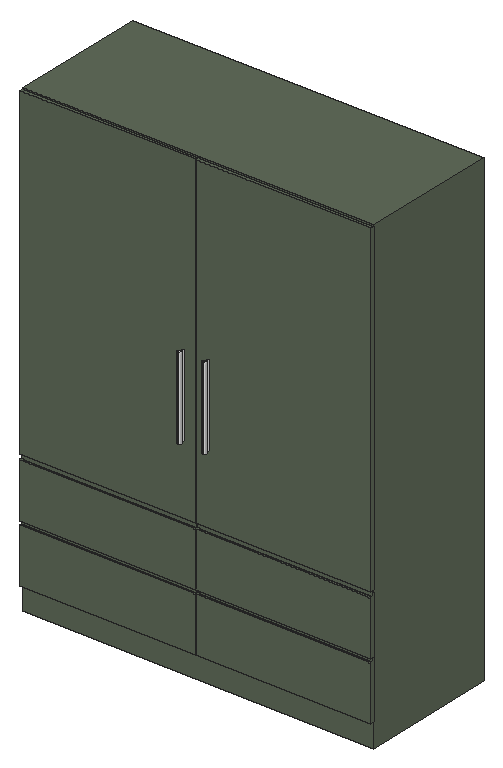
Revit family "Шкаф 2 секции (распашные двери)", category Мебель, Revit 2019
Family settings
  Номер OmniClass = 23.40.20.00
  Заголовок OmniClass = General Furniture and Specialties
  На основе рабочей плоскости = Нет
  Всегда вертикально = Да
  При загрузке вырезать с полостями = Нет
  Общий = Нет
  Точка расчета площади = Нет
Parameters
  Материал ручки [instance] = Материал шкаф ручки
  Материал шкаф (корпус) [instance] = Материал шкаф
  Изготовитель = "Литвинчук Артур"
  Глубина [instance] = 600 mm
  Довжина [instance] = 1500 mm
  Высота шухляды [instance] = 250 mm
  Высота антресоли [instance] = 500 mm
  Высота [instance] = 2000 mm
  Антресоль [instance] = no
  URL = "lytvynchukartur@gmail.com"
  3 шухляды [instance] = no
  2 шухляды [instance] = yes
  0 шухляд [instance] = no
  1 шухляда [instance] = no
Reference planes
  plane 1 "По центру (Вперед/Назад)": y = 0
  plane 2: z = 0
  plane 3 "По центру (Влево/Вправо)": x = 0
  plane 4: x = 1500
  plane 5: y = -600
  plane 6: y = -585
  plane 7: z = 2000
  plane 8: z = 100
  plane 9: x = 750
  plane 10: z = 350
  plane 11: z = 600
  plane 12: x = 751
  plane 13: x = 749
  plane 14: z = 1995
  plane 15: z = 605
  plane 16: z = 900
  plane 17: z = 1250
  plane 18: z = 850
  plane 19: z = 355
  plane 20: z = 855
  plane 21: z = 2500
  plane 22: z = 2490
  plane 23: z = 2200
  plane 24: z = 2050
Forms (mm)
  Extrusion 1, solid, material "Материал шкаф" <- "Материал шкаф (корпус)"
    sketch origin (0, 0, 0) x (1, 0, 0) y (0, 1, 0)
      loop
        line (0, 0) -> (0, -585) -> (1500, -585) -> (1500, 0) -> (0, 0)
    from 0 to 2000
  Extrusion 2, solid, material "Материал шкаф" <- "Материал шкаф (корпус)", visible <- "2 шухляды"
    sketch origin (0, 0, 0) x (0, 1, 0) y (0, 0, 1)
      loop
        line (-585, 100) -> (-585, 350) -> (-590.213, 350) -> (-590.213, 332.595)
        arc (-590.213, 332.595) -> (-592.713, 330.095) -> (-595.213, 332.595) r 2.5
        arc (-595.213, 332.595) -> (-597.607, 334.989) -> (-600, 332.595) r 2.393
        line (-600, 332.595) -> (-600, 100) -> (-585, 100)
    from 0 to 749
  Extrusion 3, solid, material "Материал шкаф" <- "Материал шкаф (корпус)", visible <- "2 шухляды"
    sketch origin (0, 0, 250) x (0, 1, 0) y (0, 0, 1)
      loop
        line (-585, 100) -> (-585, 350) -> (-590.213, 350) -> (-590.213, 332.595)
        arc (-590.213, 332.595) -> (-592.713, 330.095) -> (-595.213, 332.595) r 2.5
        arc (-595.213, 332.595) -> (-597.607, 334.989) -> (-600, 332.595) r 2.393
        line (-600, 332.595) -> (-600, 100) -> (-585, 100)
    from 0 to 749
  Extrusion 4, solid, material "Материал шкаф" <- "Материал шкаф (корпус)", visible <- "2 шухляды"
    sketch origin (0, 0, 0) x (0, 1, 0) y (0, 0, 1)
      loop
        line (-585, 100) -> (-585, 350) -> (-590.213, 350) -> (-590.213, 332.595)
        arc (-590.213, 332.595) -> (-592.713, 330.095) -> (-595.213, 332.595) r 2.5
        arc (-595.213, 332.595) -> (-597.607, 334.989) -> (-600, 332.595) r 2.393
        line (-600, 332.595) -> (-600, 100) -> (-585, 100)
    from 751 to 1500
  Extrusion 5, solid, material "Материал шкаф" <- "Материал шкаф (корпус)", visible <- "2 шухляды"
    sketch origin (0, 0, 250) x (0, 1, 0) y (0, 0, 1)
      loop
        line (-585, 100) -> (-585, 350) -> (-590.213, 350) -> (-590.213, 332.595)
        arc (-590.213, 332.595) -> (-592.713, 330.095) -> (-595.213, 332.595) r 2.5
        arc (-595.213, 332.595) -> (-597.607, 334.989) -> (-600, 332.595) r 2.393
        line (-600, 332.595) -> (-600, 100) -> (-585, 100)
    from 751 to 1500
  Extrusion 6, solid, material "Материал шкаф" <- "Материал шкаф (корпус)", visible <- "2 шухляды"
    sketch origin (0, 0, 0) x (0, 1, 0) y (0, 0, 1)
      loop
        line (-585, 605) -> (-585, 1995) -> (-600, 1995) -> (-600, 605) -> (-585, 605)
    from 0 to 749
  Extrusion 7, solid, material "Материал шкаф" <- "Материал шкаф (корпус)", visible <- "2 шухляды"
    sketch origin (0, 0, 400) x (0, 1, 0) y (0, 0, 1)
      loop
        line (-585, 205) -> (-585, 1595) -> (-600, 1595) -> (-600, 205) -> (-585, 205)
    from 751 to 1500
  Extrusion 8, solid, material "Материал шкаф ручки" <- "Материал ручки"
    sketch origin (-20, 150, 0) x (1, 0, 0) y (0, 1, 0)
      loop
        line (719, -750) -> (714, -750) -> (714, -765)
        arc (714, -765) -> (709, -770) -> (714, -775) r 5
        line (714, -775) -> (719, -775)
        arc (719, -775) -> (724, -770) -> (719, -765) r 5
        line (719, -765) -> (719, -750)
    from 900 to 1250
  Extrusion 9, solid, material "Материал шкаф ручки" <- "Материал ручки", not visible
    sketch origin (0, 0, -150) x (1, 0, 0) y (0, 1, 0)
      loop
        line (719, -750) -> (714, -750) -> (714, -765)
        arc (714, -765) -> (709, -770) -> (714, -775) r 5
        line (714, -775) -> (719, -775)
        arc (719, -775) -> (724, -770) -> (719, -765) r 5
        line (719, -765) -> (719, -750)
    from 900 to 1250
  Extrusion 10, solid, material "Материал шкаф ручки" <- "Материал ручки"
    sketch origin (87, 150, 0) x (1, 0, 0) y (0, 1, 0)
      loop
        line (719, -750) -> (714, -750) -> (714, -765)
        arc (714, -765) -> (709, -770) -> (714, -775) r 5
        line (714, -775) -> (719, -775)
        arc (719, -775) -> (724, -770) -> (719, -765) r 5
        line (719, -765) -> (719, -750)
    from 900 to 1250
  Extrusion 11, solid, material "Материал шкаф" <- "Материал шкаф (корпус)", visible <- "3 шухляды"
    sketch origin (0, 0, 700) x (0, 1, 0) y (0, 0, 1)
      loop
        line (-585, 155) -> (-585, 1295) -> (-600, 1295) -> (-600, 155) -> (-585, 155)
    from 0 to 749
  Extrusion 12, solid, material "Материал шкаф" <- "Материал шкаф (корпус)", visible <- "1 шухляда"
    sketch origin (0, 0, 0) x (0, 1, 0) y (0, 0, 1)
      loop
        line (-585, 100) -> (-585, 350) -> (-590.213, 350) -> (-590.213, 332.595)
        arc (-590.213, 332.595) -> (-592.713, 330.095) -> (-595.213, 332.595) r 2.5
        arc (-595.213, 332.595) -> (-597.607, 334.989) -> (-600, 332.595) r 2.393
        line (-600, 332.595) -> (-600, 100) -> (-585, 100)
    from 751 to 1500
  Extrusion 13, solid, material "Материал шкаф" <- "Материал шкаф (корпус)", visible <- "3 шухляды"
    sketch origin (0, 0, 250) x (0, 1, 0) y (0, 0, 1)
      loop
        line (-585, 100) -> (-585, 350) -> (-590.213, 350) -> (-590.213, 332.595)
        arc (-590.213, 332.595) -> (-592.713, 330.095) -> (-595.213, 332.595) r 2.5
        arc (-595.213, 332.595) -> (-597.607, 334.989) -> (-600, 332.595) r 2.393
        line (-600, 332.595) -> (-600, 100) -> (-585, 100)
    from 0 to 749
  Extrusion 14, solid, material "Материал шкаф" <- "Материал шкаф (корпус)", visible <- "0 шухляд"
    sketch origin (0, 0, 54.832) x (0, 1, 0) y (0, 0, 1)
      loop
        line (-585, 45.168) -> (-585, 1940.168) -> (-600, 1940.168) -> (-600, 45.168) -> (-585, 45.168)
    from 0 to 749
  Extrusion 15, solid, material "Материал шкаф" <- "Материал шкаф (корпус)", visible <- "0 шухляд"
    sketch origin (0, 0, 234.832) x (0, 1, 0) y (0, 0, 1)
      loop
        line (-585, -134.832) -> (-585, 1760.168) -> (-600, 1760.168) -> (-600, -134.832) -> (-585, -134.832)
    from 751 to 1500
  Extrusion 16, solid, material "Материал шкаф" <- "Материал шкаф (корпус)", visible <- "1 шухляда"
    sketch origin (0, 0, 0) x (0, 1, 0) y (0, 0, 1)
      loop
        line (-585, 100) -> (-585, 350) -> (-590.213, 350) -> (-590.213, 332.595)
        arc (-590.213, 332.595) -> (-592.713, 330.095) -> (-595.213, 332.595) r 2.5
        arc (-595.213, 332.595) -> (-597.607, 334.989) -> (-600, 332.595) r 2.393
        line (-600, 332.595) -> (-600, 100) -> (-585, 100)
    from 0 to 749
  Extrusion 17, solid, material "Материал шкаф" <- "Материал шкаф (корпус)", visible <- "1 шухляда"
    sketch origin (0, 0, 560) x (0, 1, 0) y (0, 0, 1)
      loop
        line (-585, -205) -> (-585, 1435) -> (-600, 1435) -> (-600, -205) -> (-585, -205)
    from 0 to 749
  Extrusion 18, solid, material "Материал шкаф" <- "Материал шкаф (корпус)", visible <- "1 шухляда"
    sketch origin (0, 0, 400) x (0, 1, 0) y (0, 0, 1)
      loop
        line (-585, -45) -> (-585, 1595) -> (-600, 1595) -> (-600, -45) -> (-585, -45)
    from 751 to 1500
  Extrusion 19, solid, material "Материал шкаф" <- "Материал шкаф (корпус)", visible <- "3 шухляды"
    sketch origin (0, 0, 500) x (0, 1, 0) y (0, 0, 1)
      loop
        line (-585, 100) -> (-585, 350) -> (-590.213, 350) -> (-590.213, 332.595)
        arc (-590.213, 332.595) -> (-592.713, 330.095) -> (-595.213, 332.595) r 2.5
        arc (-595.213, 332.595) -> (-597.607, 334.989) -> (-600, 332.595) r 2.393
        line (-600, 332.595) -> (-600, 100) -> (-585, 100)
    from 0 to 749
  Extrusion 20, solid, material "Материал шкаф" <- "Материал шкаф (корпус)", visible <- "3 шухляды"
    sketch origin (0, 0, 0) x (0, 1, 0) y (0, 0, 1)
      loop
        line (-585, 100) -> (-585, 350) -> (-590.213, 350) -> (-590.213, 332.595)
        arc (-590.213, 332.595) -> (-592.713, 330.095) -> (-595.213, 332.595) r 2.5
        arc (-595.213, 332.595) -> (-597.607, 334.989) -> (-600, 332.595) r 2.393
        line (-600, 332.595) -> (-600, 100) -> (-585, 100)
    from 0 to 749
  Extrusion 21, solid, material "Материал шкаф" <- "Материал шкаф (корпус)", visible <- "3 шухляды"
    sketch origin (0, 0, 250) x (0, 1, 0) y (0, 0, 1)
      loop
        line (-585, 100) -> (-585, 350) -> (-590.213, 350) -> (-590.213, 332.595)
        arc (-590.213, 332.595) -> (-592.713, 330.095) -> (-595.213, 332.595) r 2.5
        arc (-595.213, 332.595) -> (-597.607, 334.989) -> (-600, 332.595) r 2.393
        line (-600, 332.595) -> (-600, 100) -> (-585, 100)
    from 751 to 1500
  Extrusion 22, solid, material "Материал шкаф" <- "Материал шкаф (корпус)", visible <- "3 шухляды"
    sketch origin (0, 0, 500) x (0, 1, 0) y (0, 0, 1)
      loop
        line (-585, 100) -> (-585, 350) -> (-590.213, 350) -> (-590.213, 332.595)
        arc (-590.213, 332.595) -> (-592.713, 330.095) -> (-595.213, 332.595) r 2.5
        arc (-595.213, 332.595) -> (-597.607, 334.989) -> (-600, 332.595) r 2.393
        line (-600, 332.595) -> (-600, 100) -> (-585, 100)
    from 751 to 1500
  Extrusion 23, solid, material "Материал шкаф" <- "Материал шкаф (корпус)", visible <- "3 шухляды"
    sketch origin (0, 0, 0) x (0, 1, 0) y (0, 0, 1)
      loop
        line (-585, 100) -> (-585, 350) -> (-590.213, 350) -> (-590.213, 332.595)
        arc (-590.213, 332.595) -> (-592.713, 330.095) -> (-595.213, 332.595) r 2.5
        arc (-595.213, 332.595) -> (-597.607, 334.989) -> (-600, 332.595) r 2.393
        line (-600, 332.595) -> (-600, 100) -> (-585, 100)
    from 751 to 1500
  Extrusion 24, solid, material "Материал шкаф" <- "Материал шкаф (корпус)", visible <- "3 шухляды"
    sketch origin (0, 0, 860) x (0, 1, 0) y (0, 0, 1)
      loop
        line (-585, -5) -> (-585, 1135) -> (-600, 1135) -> (-600, -5) -> (-585, -5)
    from 751 to 1500
  Extrusion 25, solid, material "Материал шкаф" <- "Материал шкаф (корпус)", visible <- "Антресоль"
    sketch origin (880, 0, 0) x (1, 0, 0) y (0, 1, 0)
      loop
        line (-880, 0) -> (-880, -585) -> (620, -585) -> (620, 0) -> (-880, 0)
    from 2000 to 2500
  Extrusion 26, solid, material "Материал шкаф" <- "Материал шкаф (корпус)", visible <- "Антресоль"
    sketch origin (0, 0, 1200) x (0, 1, 0) y (0, 0, 1)
      loop
        line (-585, 800) -> (-585, 1290) -> (-600, 1290) -> (-600, 800) -> (-585, 800)
    from 751 to 1500
  Extrusion 27, solid, material "Материал шкаф" <- "Материал шкаф (корпус)", visible <- "Антресоль"
    sketch origin (0, 0, 1258.136) x (0, 1, 0) y (0, 0, 1)
      loop
        line (-585, 741.864) -> (-585, 1231.864) -> (-600, 1231.864) -> (-600, 741.864) -> (-585, 741.864)
    from 0 to 749
  Extrusion 28, solid, material "Материал шкаф ручки" <- "Материал ручки", visible <- "Антресоль"
    sketch origin (87, 0, 1250) x (1, 0, 0) y (0, 1, 0)
      loop
        line (719, -600) -> (714, -600) -> (714, -615)
        arc (714, -615) -> (709, -620) -> (714, -625) r 5
        line (714, -625) -> (719, -625)
        arc (719, -625) -> (724, -620) -> (719, -615) r 5
        line (719, -615) -> (719, -600)
    from 800 to 950
  Extrusion 29, solid, material "Материал шкаф ручки" <- "Материал ручки", visible <- "Антресоль"
    sketch origin (-20, 0, 1250) x (1, 0, 0) y (0, 1, 0)
      loop
        line (719, -600) -> (714, -600) -> (714, -615)
        arc (714, -615) -> (709, -620) -> (714, -625) r 5
        line (714, -625) -> (719, -625)
        arc (719, -625) -> (724, -620) -> (719, -615) r 5
        line (719, -615) -> (719, -600)
    from 800 to 950
Dimensions and locks
  "Довжина": plane 3 "По центру (Влево/Вправо)" to plane 4
  "Глубина": plane 5 to plane 1 "По центру (Вперед/Назад)"
  locked: plane 6 to plane 5 at 15
  "Высота": plane 7 to level
  locked: plane 8 to level at 100
  equal spacing: plane 3 "По центру (Влево/Вправо)", plane 9, plane 4
  plane 18 to plane 11 to plane 10 to plane 8 = 250 mm, 250 mm, 250 mm
  "Высота шухляды": plane 10 to plane 8
  plane 13 to plane 9 to plane 12 = 1 mm locked, 1 mm locked
  locked: plane 15 to plane 11 at 5
  locked: plane 7 to plane 14 at 5
  locked: plane 16 to level at 900
  locked: plane 17 to plane 16 at 350
  locked: plane 13 to Extrusion 8 at 50
  locked: Extrusion 10 to plane 12 at 50
  locked: plane 19 to plane 10 at 5
  locked: plane 20 to plane 18 at 5
  "Высота антресоли": plane 21 to plane 7
  locked: plane 21 to plane 22 at 10
  plane 23 to plane 24 to plane 7 = 150 mm locked, 50 mm locked
  locked: Extrusion 28 to plane 12 at 55
  locked: plane 13 to Extrusion 29 at 55
  aligned and locked: level to plane 2
  aligned and locked: Extrusion 1 to plane 3 "По центру (Влево/Вправо)"
  aligned and locked: Extrusion 1 to plane 1 "По центру (Вперед/Назад)"
  aligned and locked: plane 4 to Extrusion 1
  aligned and locked: Extrusion 1 to plane 6
  aligned and locked: plane 7 to Extrusion 1
  aligned and locked: Extrusion 2 sketch curve to plane 6
  aligned and locked: Extrusion 2 sketch curve to plane 8
  aligned and locked: Extrusion 2 sketch curve to plane 5
  aligned and locked: Extrusion 2 sketch curve to plane 10
  aligned and locked: Extrusion 2 to plane 3 "По центру (Влево/Вправо)"
  aligned and locked: plane 13 to Extrusion 2
  aligned and locked: plane 11 to Extrusion 3
  aligned and locked: Extrusion 3 to plane 10
  aligned and locked: plane 13 to Extrusion 3
  aligned and locked: Extrusion 3 to plane 3 "По центру (Влево/Вправо)"
  aligned and locked: Extrusion 4 to plane 8
  aligned and locked: plane 10 to Extrusion 4
  aligned and locked: plane 4 to Extrusion 4
  aligned and locked: Extrusion 4 to plane 12
  aligned and locked: Extrusion 5 to plane 10
  aligned and locked: plane 11 to Extrusion 5
  aligned and locked: Extrusion 5 to plane 12
  aligned and locked: plane 4 to Extrusion 5
  aligned and locked: Extrusion 6 to plane 5
  aligned and locked: plane 6 to Extrusion 6
  aligned and locked: plane 14 to Extrusion 6
  aligned and locked: Extrusion 6 to plane 15
  aligned and locked: Extrusion 6 to plane 3 "По центру (Влево/Вправо)"
  aligned and locked: plane 13 to Extrusion 6
  aligned and locked: Extrusion 7 to plane 15
  aligned and locked: plane 14 to Extrusion 7
  aligned and locked: plane 4 to Extrusion 7
  aligned and locked: Extrusion 7 to plane 12
  aligned and locked: Extrusion 8 to plane 16
  aligned and locked: plane 17 to Extrusion 8  (x2)
  aligned and locked: plane 17 to Extrusion 10
  aligned and locked: plane 5 to Extrusion 8
  aligned and locked: plane 5 to Extrusion 10
  aligned and locked: Extrusion 14 to plane 3 "По центру (Влево/Вправо)"
  aligned and locked: plane 13 to Extrusion 14
  aligned and locked: Extrusion 14 to plane 8
  aligned and locked: plane 14 to Extrusion 14
  aligned and locked: Extrusion 15 to plane 8
  aligned and locked: plane 14 to Extrusion 15
  aligned and locked: plane 4 to Extrusion 15
  aligned and locked: Extrusion 15 to plane 12
  aligned and locked: Extrusion 16 to plane 3 "По центру (Влево/Вправо)"
  aligned and locked: plane 13 to Extrusion 16
  aligned and locked: Extrusion 12 to plane 12
  aligned and locked: plane 4 to Extrusion 12
  aligned and locked: plane 14 to Extrusion 17
  aligned and locked: Extrusion 17 to plane 19
  aligned and locked: plane 13 to Extrusion 17
  aligned and locked: Extrusion 17 to plane 3 "По центру (Влево/Вправо)"
  aligned and locked: plane 14 to Extrusion 18
  aligned and locked: plane 4 to Extrusion 18
  aligned and locked: Extrusion 18 to plane 12
  aligned and locked: Extrusion 18 to plane 19
  aligned and locked: Extrusion 20 to plane 3 "По центру (Влево/Вправо)"
  aligned and locked: Extrusion 13 to plane 3 "По центру (Влево/Вправо)"
  aligned and locked: Extrusion 19 to plane 3 "По центру (Влево/Вправо)"
  aligned and locked: plane 13 to Extrusion 20
  aligned and locked: plane 13 to Extrusion 13
  aligned and locked: plane 13 to Extrusion 19
  aligned and locked: Extrusion 23 to plane 12
  aligned and locked: Extrusion 21 to plane 12
  aligned and locked: Extrusion 22 to plane 12
  aligned and locked: plane 4 to Extrusion 23
  aligned and locked: plane 4 to Extrusion 21
  aligned and locked: plane 4 to Extrusion 22
  aligned and locked: Extrusion 11 to plane 3 "По центру (Влево/Вправо)"
  aligned and locked: plane 13 to Extrusion 11
  aligned and locked: Extrusion 11 to plane 20
  aligned and locked: plane 14 to Extrusion 11
  aligned and locked: Extrusion 24 to plane 12
  aligned and locked: plane 14 to Extrusion 24
  aligned and locked: plane 4 to Extrusion 24
  aligned and locked: Extrusion 24 to plane 20
  aligned and locked: Extrusion 25 to plane 7
  aligned and locked: plane 21 to Extrusion 25
  aligned and locked: Extrusion 25 to plane 3 "По центру (Влево/Вправо)"
  aligned and locked: Extrusion 25 to plane 1 "По центру (Вперед/Назад)"
  aligned and locked: plane 4 to Extrusion 25
  aligned and locked: Extrusion 25 to plane 6
  aligned and locked: Extrusion 27 to plane 3 "По центру (Влево/Вправо)"
  aligned and locked: plane 13 to Extrusion 27
  aligned and locked: plane 22 to Extrusion 27
  aligned and locked: Extrusion 27 to plane 7
  aligned and locked: Extrusion 26 to plane 12
  aligned and locked: plane 22 to Extrusion 26
  aligned and locked: plane 4 to Extrusion 26
  aligned and locked: Extrusion 26 to plane 7
  aligned and locked: Extrusion 28 to plane 24
  aligned and locked: plane 23 to Extrusion 29
  aligned and locked: plane 23 to Extrusion 28
  aligned and locked: Extrusion 29 to plane 24
Automatic sketch dimensions
  Extrusion 8 sketch curve to Extrusion 8 sketch curve = 5 mm  (x2)
  Extrusion 8 sketch curve to Extrusion 8 sketch curve = 15 mm
  Extrusion 8 sketch curve to Extrusion 8 sketch curve = 0 mm
  Extrusion 9 sketch curve to Extrusion 9 sketch curve = 5 mm  (x2)
  Extrusion 9 sketch curve to Extrusion 9 sketch curve = 15 mm
  Extrusion 9 sketch curve to Extrusion 9 sketch curve = 0 mm
  Extrusion 10 sketch curve to Extrusion 10 sketch curve = 5 mm  (x2)
  Extrusion 10 sketch curve to Extrusion 10 sketch curve = 15 mm
  Extrusion 10 sketch curve to Extrusion 10 sketch curve = 0 mm
  Extrusion 28 sketch curve to Extrusion 28 sketch curve = 5 mm  (x2)
  Extrusion 28 sketch curve to Extrusion 28 sketch curve = 15 mm
  Extrusion 28 sketch curve to Extrusion 28 sketch curve = 0 mm
  Extrusion 29 sketch curve to Extrusion 29 sketch curve = 5 mm  (x2)
  Extrusion 29 sketch curve to Extrusion 29 sketch curve = 15 mm
  Extrusion 29 sketch curve to Extrusion 29 sketch curve = 0 mm
  Extrusion 1 sketch curve to plane 3 "По центру (Влево/Вправо)" = 0 mm
  Extrusion 1 sketch curve to plane 4 = 0 mm
  Extrusion 1 sketch curve to plane 6 = 0 mm
  plane 1 "По центру (Вперед/Назад)" to Extrusion 1 sketch curve = 0 mm
  Extrusion 2 sketch curve to Extrusion 2 sketch curve = 2.393 mm
  Extrusion 2 sketch curve to Extrusion 2 sketch curve = 2.5 mm  (x2)
  Extrusion 2 sketch curve to plane 10 = 17.405 mm
  Extrusion 3 sketch curve to plane 5 = 0 mm
  Extrusion 3 sketch curve to plane 11 = 0 mm
  Extrusion 3 sketch curve to plane 6 = 0 mm
  Extrusion 3 sketch curve to plane 10 = 0 mm
  Extrusion 3 sketch curve to Extrusion 3 sketch curve = 2.393 mm
  Extrusion 3 sketch curve to Extrusion 3 sketch curve = 2.5 mm  (x2)
  Extrusion 3 sketch curve to plane 11 = 17.405 mm
  Extrusion 4 sketch curve to plane 5 = 0 mm
  Extrusion 4 sketch curve to plane 10 = 0 mm
  Extrusion 4 sketch curve to plane 6 = 0 mm
  Extrusion 4 sketch curve to plane 8 = 0 mm
  Extrusion 4 sketch curve to Extrusion 4 sketch curve = 2.393 mm
  Extrusion 4 sketch curve to Extrusion 4 sketch curve = 2.5 mm  (x2)
  Extrusion 4 sketch curve to plane 10 = 17.405 mm
  Extrusion 5 sketch curve to plane 5 = 0 mm
  Extrusion 5 sketch curve to plane 11 = 0 mm
  Extrusion 5 sketch curve to plane 6 = 0 mm
  Extrusion 5 sketch curve to plane 10 = 0 mm
  Extrusion 5 sketch curve to Extrusion 5 sketch curve = 2.393 mm
  Extrusion 5 sketch curve to Extrusion 5 sketch curve = 2.5 mm  (x2)
  Extrusion 5 sketch curve to plane 11 = 17.405 mm
  Extrusion 6 sketch curve to plane 5 = 0 mm
  Extrusion 6 sketch curve to plane 6 = 0 mm
  Extrusion 6 sketch curve to plane 15 = 0 mm
  Extrusion 6 sketch curve to plane 14 = 0 mm
  Extrusion 7 sketch curve to plane 5 = 0 mm
  Extrusion 7 sketch curve to plane 6 = 0 mm
  Extrusion 7 sketch curve to plane 15 = 0 mm
  Extrusion 7 sketch curve to plane 14 = 0 mm
  Extrusion 11 sketch curve to plane 5 = 0 mm
  Extrusion 11 sketch curve to plane 6 = 0 mm
  Extrusion 11 sketch curve to plane 20 = 0 mm
  Extrusion 11 sketch curve to plane 14 = 0 mm
  Extrusion 12 sketch curve to plane 5 = 0 mm
  Extrusion 12 sketch curve to plane 10 = 0 mm
  Extrusion 12 sketch curve to plane 6 = 0 mm
  Extrusion 12 sketch curve to plane 8 = 0 mm
  Extrusion 12 sketch curve to Extrusion 12 sketch curve = 2.393 mm
  Extrusion 12 sketch curve to Extrusion 12 sketch curve = 2.5 mm  (x2)
  Extrusion 12 sketch curve to plane 10 = 17.405 mm
  Extrusion 13 sketch curve to plane 5 = 0 mm
  Extrusion 13 sketch curve to plane 11 = 0 mm
  Extrusion 13 sketch curve to plane 6 = 0 mm
  Extrusion 13 sketch curve to plane 10 = 0 mm
  Extrusion 13 sketch curve to Extrusion 13 sketch curve = 2.393 mm
  Extrusion 13 sketch curve to Extrusion 13 sketch curve = 2.5 mm  (x2)
  Extrusion 13 sketch curve to plane 11 = 17.405 mm
  Extrusion 14 sketch curve to plane 5 = 0 mm
  Extrusion 14 sketch curve to plane 6 = 0 mm
  Extrusion 14 sketch curve to plane 8 = 0 mm
  Extrusion 14 sketch curve to plane 14 = 0 mm
  Extrusion 15 sketch curve to plane 5 = 0 mm
  Extrusion 15 sketch curve to plane 6 = 0 mm
  Extrusion 15 sketch curve to plane 8 = 0 mm
  Extrusion 15 sketch curve to plane 14 = 0 mm
  Extrusion 16 sketch curve to plane 5 = 0 mm
  Extrusion 16 sketch curve to plane 10 = 0 mm
  Extrusion 16 sketch curve to plane 6 = 0 mm
  Extrusion 16 sketch curve to plane 8 = 0 mm
  Extrusion 16 sketch curve to Extrusion 16 sketch curve = 2.393 mm
  Extrusion 16 sketch curve to Extrusion 16 sketch curve = 2.5 mm  (x2)
  Extrusion 16 sketch curve to plane 10 = 17.405 mm
  Extrusion 17 sketch curve to plane 5 = 0 mm
  Extrusion 17 sketch curve to plane 6 = 0 mm
  Extrusion 17 sketch curve to plane 19 = 0 mm
  Extrusion 17 sketch curve to plane 14 = 0 mm
  Extrusion 18 sketch curve to plane 5 = 0 mm
  Extrusion 18 sketch curve to plane 6 = 0 mm
  Extrusion 18 sketch curve to plane 19 = 0 mm
  Extrusion 18 sketch curve to plane 14 = 0 mm
  Extrusion 19 sketch curve to plane 5 = 0 mm
  Extrusion 19 sketch curve to plane 18 = 0 mm
  Extrusion 19 sketch curve to plane 6 = 0 mm
  Extrusion 19 sketch curve to plane 11 = 0 mm
  Extrusion 19 sketch curve to Extrusion 19 sketch curve = 2.393 mm
  Extrusion 19 sketch curve to Extrusion 19 sketch curve = 2.5 mm  (x2)
  Extrusion 19 sketch curve to plane 18 = 17.405 mm
  Extrusion 20 sketch curve to plane 5 = 0 mm
  Extrusion 20 sketch curve to plane 10 = 0 mm
  Extrusion 20 sketch curve to plane 6 = 0 mm
  Extrusion 20 sketch curve to plane 8 = 0 mm
  Extrusion 20 sketch curve to Extrusion 20 sketch curve = 2.393 mm
  Extrusion 20 sketch curve to Extrusion 20 sketch curve = 2.5 mm  (x2)
  Extrusion 20 sketch curve to plane 10 = 17.405 mm
  Extrusion 21 sketch curve to plane 5 = 0 mm
  Extrusion 21 sketch curve to plane 11 = 0 mm
  Extrusion 21 sketch curve to plane 6 = 0 mm
  Extrusion 21 sketch curve to plane 10 = 0 mm
  Extrusion 21 sketch curve to Extrusion 21 sketch curve = 2.393 mm
  Extrusion 21 sketch curve to Extrusion 21 sketch curve = 2.5 mm  (x2)
  Extrusion 21 sketch curve to plane 11 = 17.405 mm
  Extrusion 22 sketch curve to plane 5 = 0 mm
  Extrusion 22 sketch curve to plane 18 = 0 mm
  Extrusion 22 sketch curve to plane 6 = 0 mm
  Extrusion 22 sketch curve to plane 11 = 0 mm
  Extrusion 22 sketch curve to Extrusion 22 sketch curve = 2.393 mm
  Extrusion 22 sketch curve to Extrusion 22 sketch curve = 2.5 mm  (x2)
  Extrusion 22 sketch curve to plane 18 = 17.405 mm
  Extrusion 23 sketch curve to plane 5 = 0 mm
  Extrusion 23 sketch curve to plane 10 = 0 mm
  Extrusion 23 sketch curve to plane 6 = 0 mm
  Extrusion 23 sketch curve to plane 8 = 0 mm
  Extrusion 23 sketch curve to Extrusion 23 sketch curve = 2.393 mm
  Extrusion 23 sketch curve to Extrusion 23 sketch curve = 2.5 mm  (x2)
  Extrusion 23 sketch curve to plane 10 = 17.405 mm
  Extrusion 24 sketch curve to plane 5 = 0 mm
  Extrusion 24 sketch curve to plane 6 = 0 mm
  Extrusion 24 sketch curve to plane 20 = 0 mm
  Extrusion 24 sketch curve to plane 14 = 0 mm
  Extrusion 25 sketch curve to plane 3 "По центру (Влево/Вправо)" = 0 mm
  Extrusion 25 sketch curve to plane 4 = 0 mm
  Extrusion 25 sketch curve to plane 6 = 0 mm
  plane 1 "По центру (Вперед/Назад)" to Extrusion 25 sketch curve = 0 mm
  Extrusion 26 sketch curve to plane 5 = 0 mm
  Extrusion 26 sketch curve to plane 6 = 0 mm
  Extrusion 26 sketch curve to plane 7 = 0 mm
  Extrusion 26 sketch curve to plane 22 = 0 mm
  Extrusion 27 sketch curve to plane 5 = 0 mm
  Extrusion 27 sketch curve to plane 6 = 0 mm
  Extrusion 27 sketch curve to plane 7 = 0 mm
  Extrusion 27 sketch curve to plane 22 = 0 mm
  Extrusion 29 sketch curve to plane 5 = 0 mm
  Extrusion 29 sketch curve to plane 13 = 55 mm
  Extrusion 28 sketch curve to plane 5 = 0 mm
  plane 12 to Extrusion 28 sketch curve = 50 mm
